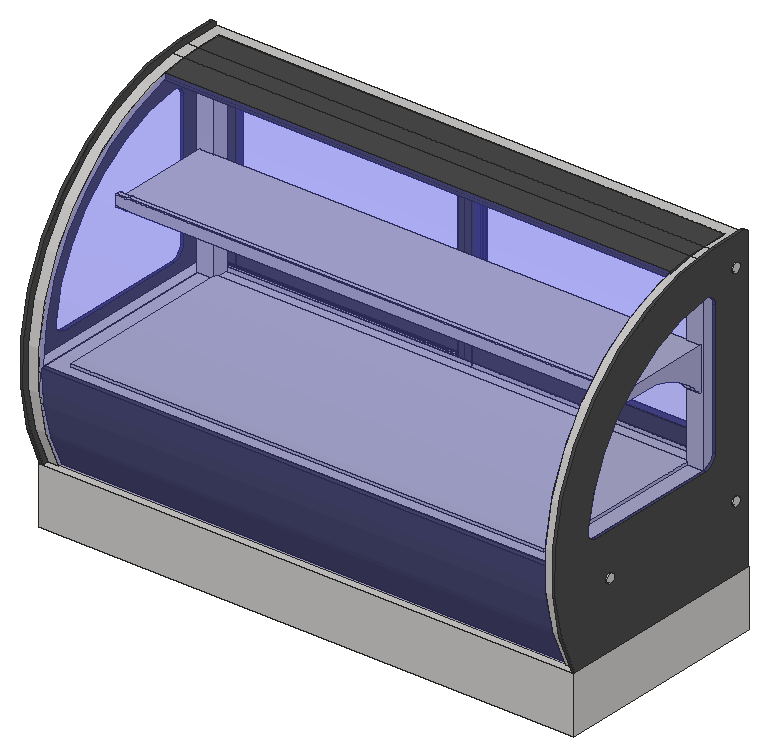
Revit family "Qf_Vollrath_HDC9248_Heated_Display_Case_Curved_Countertop-48 inches_cat", category Specialty Equipment, Revit 2019
Family settings
  Round Connector Dimension = Use Diameter
  Part Type = Normal
  Work Plane-Based = No
  Always vertical = Yes
  Cut with Voids When Loaded = No
  Shared = No
  Room Calculation Point = No
Parameters
  Weight in Pounds = 352.7
  Watts = Volts * FL Amps  # 696 W
  Volts = 120 V
  URL Cutsheet = ""
  Specification by User = ""
  Specification by Manufacturer = ""
  Serial Number = ""
  Seismic Rating = ""
  SMACNA No = ""
  Revision Code = ""
  Phase = 0
  Number of Poles = 1
  NAFEM Spec ID Number = ""
  Model = "HDC9248"
  Min Ckt Ampacity = 0 A
  Max Overcurrent Protection = 0 A
  Masterspec = ""
  Manufacturer = "Vollrath"
  Length = 47.9"
  Item Number = ""
  Installed By = ""
  Identify Quantity as Lot = yes
  Height = 32.0"
  HP = ""
  Furnished By = ""
  Foodservice Equipment Identifier = yes
  FL Amps = 5.8 A
  Electrical Remarks = ""
  Electric Connection Type = ""
  Elec Conn RI Height = 0.0"
  Elec Conn Connection Height = 0.0"
  Description = "Heated Display Case Curved Countertop-48\""
  Depth = 21.5"
  Cycle = 50 Hz
  Conn Plug = "NEMA 5-15P"
  Conn Conduit = yes
  CSI MasterFormat = ""
  Apparent Power = 0 VA
Reference planes (in)
  plane 1 "BACK": y = 0
  plane 2: z = 0
  plane 3 "LEFT": x = 0
  plane 4 "RIGHT": x = 47.9
  plane 5 "FRONT": y = -21.5
  plane 6 "TOP": z = 32
  plane 7 "Center Y": x = 23.95
  plane 8 "Center X": y = -10.75
  plane 9: x = 0.2
  plane 10: x = 0.45
  plane 11: x = 1.45
  plane 12: x = 47.7
  plane 13: x = 47.45
  plane 14: x = 46.45
  plane 15: z = 5
  plane 16: z = 22.08957
  plane 17: z = 30.55413
  plane 18: z = 13.66535
  plane 19: z = 15.3376
  plane 20: x = 2.2
  plane 21: y = -19.4
  plane 22: y = -17.14961
  plane 23: y = -3.20977
  plane 24: z = 29.82972
  plane 25: z = 28.6565
  plane 26: y = -7
Forms (in)
  Extrusion 1, solid, material "QF_Plastic_Black_Smooth"
    sketch origin (0.2, -21.42126, 48) x (0, -1, 0) y (0, 0, 1)
      loop
        line (-21.42126, -43) -> (-2.12853, -43)
        arc (-2.12853, -43) -> (-2.38846, -25.11346) -> (-17.78134, -16) r 18.29374
        line (-17.78134, -16) -> (-20.92126, -16)
        arc (-20.92126, -16) -> (-21.27481, -16.14645) -> (-21.42126, -16.5) r 0.5
        line (-21.42126, -16.5) -> (-21.42126, -43)
      loop
        arc (-17.79626, -32.38281) -> (-17.50337, -33.08992) -> (-16.79626, -33.38281) r 1
        line (-16.79626, -33.38281) -> (-4.56841, -33.38281)
        arc (-4.56841, -33.38281) -> (-3.81404, -33.03926) -> (-3.578, -32.24465) r 1
        arc (-3.578, -32.24465) -> (-7.95104, -23.64903) -> (-16.69233, -19.57498) r 14.79374
        arc (-16.69233, -19.57498) -> (-17.46561, -19.82662) -> (-17.79626, -20.56956) r 1
        line (-17.79626, -20.56956) -> (-17.79626, -32.38281)
    from 0 to -0.25
  Extrusion 2, solid, material "QF_Metal_Stainless_Polished"
    sketch origin (0.2, -21.42126, 48) x (0, -1, 0) y (0, 0, 1)
      loop
        circle (-19.8516, -37.03027) r 0.375
      loop
        circle (-5.88554, -37.03027) r 0.375
      loop
        circle (-19.8516, -18.47074) r 0.375
    from 0 to 0.2
  Extrusion 3, solid, material "QF_Metal_Stainless_Polished"
    sketch origin (0.45, -21.42126, 48.39448) x (0, -1, 0) y (0, 0, 1)
      loop
        line (-21.42126, -39.76948) -> (-20.42126, -39.76948) -> (-20.42126, -43.39448) -> (-2.71443, -43.39448)
        arc (-2.71443, -43.39448) -> (-2.46109, -26.43911) -> (-16.52881, -16.97084) r 17.79374
        arc (-16.52881, -16.97084) -> (-17.32478, -16.91358) -> (-18.12259, -16.89448) r 16.6716
        line (-18.12259, -16.89448) -> (-21.42126, -16.89448) -> (-21.42126, -39.76948)
      loop
        line (-20.92126, -34.72913) -> (-0.93618, -34.72913)
        arc (-0.93618, -34.72913) -> (-5.83712, -22.62102) -> (-17.80828, -17.39448) r 17.29374
        line (-17.80828, -17.39448) -> (-20.92126, -17.39448) -> (-20.92126, -34.72913)
    from 0 to -1
  Extrusion 4, solid, material "QF_Metal_Stainless_Polished"
    sketch origin (1.45, -21.42126, 48.39448) x (0, -1, 0) y (0, 0, 1)
      loop
        line (-20.01969, -34.46605) -> (-19.99213, -34.50992) -> (-19.99213, -34.6435) -> (-20.83465, -34.6435) -> (-20.83465, -34.50992) -> (-20.80709, -34.46605) -> (-20.80709, -34.35609)
        arc (-20.80709, -34.35609) -> (-20.81285, -34.34217) -> (-20.82677, -34.33641) r 0.01969
        line (-20.82677, -34.33641) -> (-20.90551, -34.33641)
        arc (-20.90551, -34.33641) -> (-20.91943, -34.34217) -> (-20.9252, -34.35609) r 0.01969
        line (-20.9252, -34.35609) -> (-20.9252, -34.46605) -> (-20.89764, -34.50992) -> (-20.89764, -34.6435) -> (-21.31102, -34.6435) -> (-21.31102, -34.36003) -> (-21.35827, -34.36003) -> (-21.35827, -34.72913) -> (-19.4685, -34.72913) -> (-19.4685, -34.36003) -> (-19.51575, -34.36003) -> (-19.51575, -34.6435) -> (-19.92913, -34.6435) -> (-19.92913, -34.50992) -> (-19.90157, -34.46605) -> (-19.90157, -34.35609)
        arc (-19.90157, -34.35609) -> (-19.90734, -34.34217) -> (-19.92126, -34.33641) r 0.01969
        line (-19.92126, -34.33641) -> (-20, -34.33641)
        arc (-20, -34.33641) -> (-20.01392, -34.34217) -> (-20.01969, -34.35609) r 0.01969
        line (-20.01969, -34.35609) -> (-20.01969, -34.46605)
    from 0 to -45
  Extrusion 5, solid, material "QF_Metal_Stainless_Polished"
    sketch origin (2.2, -3.37008, 49.48438) x (0, -1, 0) y (0, 0, 1)
      loop
        arc (8.55463, -26.77657) -> (8.65652, -26.76316) -> (8.75148, -26.72383) r 0.3937
        line (8.75148, -26.72383) -> (9.31447, -26.39879)
        arc (9.31447, -26.39879) -> (9.33464, -26.37861) -> (9.34203, -26.35105) r 0.05512
        line (9.34203, -26.35105) -> (9.34203, -25.45374)
        arc (9.34203, -25.45374) -> (9.32588, -25.41477) -> (9.28691, -25.39862) r 0.05512
        line (9.28691, -25.39862) -> (8.9247, -25.39862)
        arc (8.9247, -25.39862) -> (8.88573, -25.41477) -> (8.86959, -25.45374) r 0.05512
        line (8.86959, -25.45374) -> (8.86959, -25.91043)
        arc (8.86959, -25.91043) -> (8.85581, -25.92421) -> (8.84203, -25.91043) r 0.01378
        line (8.84203, -25.91043) -> (0, -25.91043) -> (0, -29.52049)
        arc (0, -29.52049) -> (0.07688, -29.63117) -> (0.20744, -29.59776) r 0.11811
        arc (0.20744, -29.59776) -> (2.98552, -27.51532) -> (6.37795, -26.77657) r 8.15869
        line (6.37795, -26.77657) -> (8.55463, -26.77657)
    from -0.5 to 0.5
  Extrusion 6, solid, material "QF_Plastic_Black_Smooth"
    sketch origin (40.07697, 0, 15.3376) x (0, 1, 0) y (1, 0, 0)
      loop
        line (-0.38189, -15.47047) -> (-0.38189, -15.3878)
        arc (-0.38189, -15.3878) -> (-0.40296, -15.36682) -> (-0.42944, -15.38034) r 0.02532
        arc (-0.42944, -15.38034) -> (-0.55527, -15.45742) -> (-0.6811, -15.38034) r 0.14124
        arc (-0.6811, -15.38034) -> (-0.70758, -15.36682) -> (-0.72866, -15.3878) r 0.02532
        line (-0.72866, -15.3878) -> (-0.72866, -15.47441) -> (-0.79917, -15.47441) -> (-0.82677, -15.55025) -> (-0.82677, -16.24213) -> (-0.96063, -16.19341) -> (-0.96063, -16.84843) -> (-0.14961, -16.84843) -> (-0.14961, -16.24213) -> (-0.34646, -16.24213) -> (-0.34646, -15.65945) -> (-0.16929, -15.65945)
        arc (-0.16929, -15.65945) -> (-0.15537, -15.65368) -> (-0.14961, -15.63976) r 0.01969
        line (-0.14961, -15.63976) -> (-0.14961, -15.49016)
        arc (-0.14961, -15.49016) -> (-0.15537, -15.47624) -> (-0.16929, -15.47047) r 0.01969
        line (-0.16929, -15.47047) -> (-0.38189, -15.47047)
    from 1.58661 to -14.49213
  Extrusion 7, solid, material "QF_Plastic_Black_Smooth"
    sketch origin (34.15041, 0, 15.3376) x (0, 1, 0) y (1, 0, 0)
      loop
        line (-0.38189, -32.59646) -> (-0.16929, -32.59646)
        arc (-0.16929, -32.59646) -> (-0.15537, -32.59069) -> (-0.14961, -32.57677) r 0.01969
        line (-0.14961, -32.57677) -> (-0.14961, -32.42717)
        arc (-0.14961, -32.42717) -> (-0.15537, -32.41325) -> (-0.16929, -32.40748) r 0.01969
        line (-0.16929, -32.40748) -> (-0.34646, -32.40748) -> (-0.34646, -31.8248) -> (-0.14961, -31.8248) -> (-0.14961, -31.2185) -> (-0.96063, -31.2185) -> (-0.96063, -31.87352) -> (-0.82677, -31.8248) -> (-0.82677, -32.51668) -> (-0.79917, -32.59252) -> (-0.72866, -32.59252) -> (-0.72866, -32.67913)
        arc (-0.72866, -32.67913) -> (-0.70758, -32.70011) -> (-0.6811, -32.68659) r 0.02532
        arc (-0.6811, -32.68659) -> (-0.55527, -32.60951) -> (-0.42944, -32.68659) r 0.14124
        arc (-0.42944, -32.68659) -> (-0.40296, -32.70011) -> (-0.38189, -32.67913) r 0.02532
        line (-0.38189, -32.67913) -> (-0.38189, -32.59646)
    from 1.58661 to -14.49213
  Extrusion 8, solid, material "QF_Plastic_Black_Smooth"
    sketch origin (61.81652, -0.90551, 15.3376) x (0, 1, 0) y (1, 0, 0)
      loop
        line (-0.38189, -15.47047) -> (-0.38189, -15.3878)
        arc (-0.38189, -15.3878) -> (-0.40296, -15.36682) -> (-0.42944, -15.38034) r 0.02532
        arc (-0.42944, -15.38034) -> (-0.55527, -15.45742) -> (-0.6811, -15.38034) r 0.14124
        arc (-0.6811, -15.38034) -> (-0.70758, -15.36682) -> (-0.72866, -15.3878) r 0.02532
        line (-0.72866, -15.3878) -> (-0.72866, -15.47441) -> (-0.79917, -15.47441) -> (-0.82677, -15.55025) -> (-0.82677, -16.24213) -> (-0.96063, -16.19341) -> (-0.96063, -16.84843) -> (-0.14961, -16.84843) -> (-0.14961, -16.24213) -> (-0.34646, -16.24213) -> (-0.34646, -15.65945) -> (-0.16929, -15.65945)
        arc (-0.16929, -15.65945) -> (-0.15537, -15.65368) -> (-0.14961, -15.63976) r 0.01969
        line (-0.14961, -15.63976) -> (-0.14961, -15.49016)
        arc (-0.14961, -15.49016) -> (-0.15537, -15.47624) -> (-0.16929, -15.47047) r 0.01969
        line (-0.16929, -15.47047) -> (-0.38189, -15.47047)
    from 1.58661 to -14.49213
  Extrusion 9, solid, material "QF_Plastic_Black_Smooth"
    sketch origin (55.88996, -0.90551, 15.3376) x (0, 1, 0) y (1, 0, 0)
      loop
        line (-0.38189, -32.59646) -> (-0.16929, -32.59646)
        arc (-0.16929, -32.59646) -> (-0.15537, -32.59069) -> (-0.14961, -32.57677) r 0.01969
        line (-0.14961, -32.57677) -> (-0.14961, -32.42717)
        arc (-0.14961, -32.42717) -> (-0.15537, -32.41325) -> (-0.16929, -32.40748) r 0.01969
        line (-0.16929, -32.40748) -> (-0.34646, -32.40748) -> (-0.34646, -31.8248) -> (-0.14961, -31.8248) -> (-0.14961, -31.2185) -> (-0.96063, -31.2185) -> (-0.96063, -31.87352) -> (-0.82677, -31.8248) -> (-0.82677, -32.51668) -> (-0.79917, -32.59252) -> (-0.72866, -32.59252) -> (-0.72866, -32.67913)
        arc (-0.72866, -32.67913) -> (-0.70758, -32.70011) -> (-0.6811, -32.68659) r 0.02532
        arc (-0.6811, -32.68659) -> (-0.55527, -32.60951) -> (-0.42944, -32.68659) r 0.14124
        arc (-0.42944, -32.68659) -> (-0.40296, -32.70011) -> (-0.38189, -32.67913) r 0.02532
        line (-0.38189, -32.67913) -> (-0.38189, -32.59646)
    from 1.58661 to -14.49213
  Extrusion 10, solid, material "QF_Plastic_Black_Smooth"
    sketch origin (44.9799, -1.05512, 15.3376) x (1, 0, 0) y (0, 0, -1)
      loop
        line (-0.01181, -0.08661) -> (-0.01181, 1.58661) -> (-20.30845, 1.58661) -> (-20.30845, -0.08661) -> (-0.01181, -0.08661)
      loop
        line (-0.01181, -13.3189) -> (-20.30845, -13.3189) -> (-20.30845, -14.49213) -> (-0.01181, -14.49213) -> (-0.01181, -13.3189)
    from 0 to -0.81102
  Extrusion 11, solid, material "QF_Plastic_Black_Smooth"
    sketch origin (23.24035, -0.14961, 15.3376) x (1, 0, 0) y (0, 0, -1)
      loop
        line (-0.01181, -0.08661) -> (-0.01181, 1.58661) -> (-20.30845, 1.58661) -> (-20.30845, -0.08661) -> (-0.01181, -0.08661)
      loop
        line (-0.01181, -13.3189) -> (-20.30845, -13.3189) -> (-20.30845, -14.49213) -> (-0.01181, -14.49213) -> (-0.01181, -13.3189)
    from 0 to -0.81102
  Extrusion 12, solid, material "Glass"
    sketch origin (44.96809, -1.05512, 15.42421) x (-1, 0, 0) y (0, -1, 0)
      loop
        line (0, 0.13) -> (20.29664, 0.13) -> (20.29664, 0.69102) -> (0, 0.69102) -> (0, 0.13)
      loop
        line (21.73955, -0.77551) -> (42.03618, -0.77551) -> (42.03618, -0.22449) -> (21.73955, -0.22449) -> (21.73955, -0.77551)
    from 0 to 13.23228
  Extrusion 13, solid, material "QF_Metal_Stainless_Polished"
    sketch origin (0, 0, -5) x (1, 0, 0) y (0, 0, 1)
      loop
        line (46.45, 36.5) -> (1.45, 36.5) -> (1.45, 35.35728) -> (46.45, 35.35728) -> (46.45, 36.5)
    from 0 to 1
  Extrusion 14, solid, material "QF_Metal_Stainless_Polished"
    sketch origin (-45.07972, -0.125, 0) x (1, 0, 0) y (0, 0, 1)
      loop
        line (91.00216, 13.66535) -> (91.52972, 13.66535) -> (91.52972, 30.35728) -> (46.52972, 30.35728) -> (46.52972, 13.66535) -> (47.05728, 13.66535) -> (47.05728, 29.82972) -> (91.00216, 29.82972) -> (91.00216, 13.66535)
    from 0 to 0.125
  Extrusion 15, solid, material "QF_Metal_Stainless_Polished"
    sketch origin (33.31121, 0, 13.66535) x (0, 1, 0) y (1, 0, 0)
      loop
        line (-1.95276, -31.86121) -> (-1.95276, -30.36121) -> (-3.37008, -30.36121) -> (-3.37008, -31.86121) -> (-1.95276, -31.86121)
      loop
        line (-1.95276, 13.13879) -> (-3.37008, 13.13879) -> (-3.37008, 11.63879) -> (-1.95276, 11.63879) -> (-1.95276, 13.13879)
    from 0 to -17.33465
  Extrusion 16, solid, material "QF_Metal_Stainless_Polished"
    sketch origin (2.7, -3.37008, 49.48438) x (0, 1, 0) y (0, 0, 1)
      loop
        line (0, -25.91043) -> (-8.84203, -25.91043)
        arc (-8.84203, -25.91043) -> (-8.85581, -25.92421) -> (-8.86959, -25.91043) r 0.01378
        line (-8.86959, -25.91043) -> (-8.86959, -25.45374)
        arc (-8.86959, -25.45374) -> (-8.88573, -25.41477) -> (-8.9247, -25.39862) r 0.05512
        line (-8.9247, -25.39862) -> (-9.28691, -25.39862)
        arc (-9.28691, -25.39862) -> (-9.32588, -25.41477) -> (-9.34203, -25.45374) r 0.05512
        line (-9.34203, -25.45374) -> (-9.34203, -26.35105) -> (0, -26.35105) -> (0, -25.91043)
    from 0 to 42.5
  Extrusion 17, solid, material "QF_Metal_Stainless_Polished"
    sketch origin (-79.5026, 0, 0) x (1, 0, 0) y (0, 0, 1)
      loop
        line (80.9526, 13.66437) -> (80.9526, 8.625) -> (125.9526, 8.625) -> (125.9526, 13.66437) -> (80.9526, 13.66437)
    from 0 to 3
  Extrusion 18, solid, material "QF_Metal_Stainless_Polished"
    sketch origin (-79.5026, 0, 0) x (1, 0, 0) y (0, 0, 1)
      loop
        line (126.35516, 0) -> (126.35516, 0.70374) -> (80.55004, 0.70374) -> (80.55004, 0) -> (126.35516, 0)
    from 3 to 0.5
  Extrusion 19, solid, material "QF_Metal_Stainless_Polished"
    sketch origin (-67.5026, 0, 0) x (1, 0, 0) y (0, 0, 1)
      loop
        line (114.35516, 0.70374) -> (114.35516, 8.625) -> (113.13862, 8.625) -> (113.13862, 0.70374) -> (114.35516, 0.70374)
    from 3 to 0.5
  Extrusion 20, solid, material "QF_Metal_Stainless_Polished"
    sketch origin (-80.67976, 0, 0) x (1, 0, 0) y (0, 0, 1)
      loop
        line (126.31579, 0.70374) -> (126.31579, 8.625) -> (89.52248, 8.625) -> (89.52248, 0.70374) -> (126.31579, 0.70374)
    from 3 to 0.5
  Extrusion 21, solid, material "QF_Metal_Stainless_Polished"
    sketch origin (-105.47307, 0, 0) x (1, 0, 0) y (0, 0, 1)
      loop
        line (114.31579, 0.70374) -> (114.31579, 8.625) -> (113.41027, 8.625) -> (113.41027, 0.70374) -> (114.31579, 0.70374)
    from 3 to 0.5
  Extrusion 22, solid, material "QF_Metal_Stainless_Polished"
    sketch origin (-106.37858, 0, 0) x (1, 0, 0) y (0, 0, 1)
      loop
        line (114.31579, 0.70374) -> (114.31579, 8.625) -> (108.60712, 8.625) -> (108.60712, 0.70374) -> (114.31579, 0.70374)
    from 3 to 0.5
  Extrusion 23, solid, material "QF_Metal_Stainless_Polished"
    sketch origin (-112.08724, 0, 0) x (1, 0, 0) y (0, 0, 1)
      loop
        line (114.31579, 0.70374) -> (114.31579, 8.625) -> (113.13468, 8.625) -> (113.13468, 0.70374) -> (114.31579, 0.70374)
    from 3 to 0.5
  Extrusion 24, solid, material "QF_Metal_Stainless_Polished"
    sketch origin (-79.5026, 0, 0) x (-1, 0, 0) y (0, 0, 1)
      loop
        line (-81.14413, 11.28248) -> (-84.95201, 11.28248)
        arc (-84.95201, 11.28248) -> (-85.01854, 11.25492) -> (-85.0461, 11.18839) r 0.09409
        line (-85.0461, 11.18839) -> (-85.0461, 8.87657)
        arc (-85.0461, 8.87657) -> (-85.01854, 8.81004) -> (-84.95201, 8.78248) r 0.09409
        line (-84.95201, 8.78248) -> (-81.14413, 8.78248)
        arc (-81.14413, 8.78248) -> (-81.0776, 8.81004) -> (-81.05004, 8.87657) r 0.09409
        line (-81.05004, 8.87657) -> (-81.05004, 11.18839)
        arc (-81.05004, 11.18839) -> (-81.0776, 11.25492) -> (-81.14413, 11.28248) r 0.09409
    from 0 to 0.06
  Extrusion 25, solid, material "QF_Metal_Stainless_Polished"
    sketch origin (0, 0, 0) x (1, 0, 0) y (0, 1, 0)
      loop
        line (47.7, 0) -> (46.85256, 0) -> (46.85256, -3) -> (1.04744, -3) -> (1.04744, 0) -> (0.2, 0) -> (0.2, -19.4) -> (47.7, -19.4) -> (47.7, 0)
    from 0 to 5
  Extrusion 26, solid, material "QF_Metal_Stainless_Polished"
    sketch origin (0, 0, 0) x (1, 0, 0) y (0, 0, 1)
      loop
        line (0.45, 8.625) -> (0.45, 5) -> (1.04744, 5) -> (1.04744, 8.625) -> (0.45, 8.625)
      loop
        line (47.45, 8.625) -> (46.85256, 8.625) -> (46.85256, 5) -> (47.45, 5) -> (47.45, 8.625)
    from 0 to 1
  Extrusion 27, solid, material "QF_Plastic_Black_Smooth"
    sketch origin (7.23536, -0.5, 1.36639) x (0, -0.34076, 0.94015) y (1, 0, 0)
      loop
        line (4.80772, -0.13) -> (0.38, -0.13)
        arc (0.38, -0.13) -> (0.20322, -0.20322) -> (0.13, -0.38) r 0.25
        line (0.13, -0.38) -> (0.13, -3.92346)
        arc (0.13, -3.92346) -> (0.20322, -4.10023) -> (0.38, -4.17346) r 0.25
        line (0.38, -4.17346) -> (4.80772, -4.17346)
        arc (4.80772, -4.17346) -> (4.98449, -4.10023) -> (5.05772, -3.92346) r 0.25
        line (5.05772, -3.92346) -> (5.05772, -0.38)
        arc (5.05772, -0.38) -> (4.98449, -0.20322) -> (4.80772, -0.13) r 0.25
    from 0 to 0.06
  Extrusion 28, solid, material "QF_Plastic_White_Smooth"
    sketch origin (7.23536, -0.44359, 1.38683) x (0, -0.34076, 0.94015) y (1, 0, 0)
      loop
        circle (0.93442, -3.29352) r 0.5
    from 0 to 0.25
  Extrusion 29, solid, material "QF_Plastic_Black_Smooth"
    sketch origin (7.23536, -0.44359, 1.38683) x (0, -0.34076, 0.94015) y (1, 0, 0)
      loop
        arc (4.45141, -0.68195) -> (3.82641, -0.37591) -> (3.20141, -0.68195) r 0.79121
        line (3.20141, -0.68195) -> (3.20141, -3.6215)
        arc (3.20141, -3.6215) -> (3.82641, -3.92755) -> (4.45141, -3.6215) r 0.79121
        line (4.45141, -3.6215) -> (4.45141, -0.68195)
    from 0 to 0.06
  Extrusion 30, solid, material "QF_Plastic_Black_Smooth"
    sketch origin (-75.7526, 0, 0) x (-1, 0, 0) y (0, 0, 1)
      loop
        line (-77.49689, 13.52657) -> (-81.11894, 13.52657)
        arc (-81.11894, 13.52657) -> (-81.25813, 13.46892) -> (-81.31579, 13.32972) r 0.19685
        line (-81.31579, 13.32972) -> (-81.31579, 11.59744)
        arc (-81.31579, 11.59744) -> (-81.25813, 11.45825) -> (-81.11894, 11.40059) r 0.19685
        line (-81.11894, 11.40059) -> (-77.49689, 11.40059)
        arc (-77.49689, 11.40059) -> (-77.35769, 11.45825) -> (-77.30004, 11.59744) r 0.19685
        line (-77.30004, 11.59744) -> (-77.30004, 13.32972)
        arc (-77.30004, 13.32972) -> (-77.35769, 13.46892) -> (-77.49689, 13.52657) r 0.19685
      loop
        line (-81.41421, 8.97933) -> (-81.41421, 11.2628)
        arc (-81.41421, 11.2628) -> (-81.47187, 11.40199) -> (-81.61106, 11.45965) r 0.19685
        line (-81.61106, 11.45965) -> (-84.17012, 11.45965)
        arc (-84.17012, 11.45965) -> (-84.30931, 11.40199) -> (-84.36697, 11.2628) r 0.19685
        line (-84.36697, 11.2628) -> (-84.36697, 8.97933)
        arc (-84.36697, 8.97933) -> (-84.30931, 8.84014) -> (-84.17012, 8.78248) r 0.19685
        line (-84.17012, 8.78248) -> (-81.61106, 8.78248)
        arc (-81.61106, 8.78248) -> (-81.47187, 8.84014) -> (-81.41421, 8.97933) r 0.19685
    from 0 to 0.06
  Extrusion 31, solid, material "QF_Metal_Stainless_Polished"
    sketch origin (1.38012, 0, 13.66437) x (1, 0, 0) y (0, 1, 0)
      loop
        line (1.56988, -3.20977) -> (1.56988, -19.27781) -> (43.56988, -19.27781) -> (43.56988, -3.20977) -> (1.56988, -3.20977)
    from 0 to 0.25
  Extrusion 32, solid, material "Glass"
    sketch origin (1.45, -21.42126, 48.39448) x (0, 1, 0) y (0, 0, 1)
      loop
        line (2.71443, -43.39448) -> (3.00178, -43.39448)
        arc (3.00178, -43.39448) -> (2.18358, -27.59085) -> (14.42126, -17.55774) r 17.54374
        line (14.42126, -17.55774) -> (14.42126, -17.30172)
        arc (14.42126, -17.30172) -> (1.99525, -27.39923) -> (2.71443, -43.39448) r 17.79374
    from 0 to 45
  Extrusion 33, solid, material "Glass"
    sketch origin (0.2, -21.42126, 48) x (0, -1, 0) y (0, 0, 1)
      loop
        arc (-16.69233, -19.57498) -> (-17.46561, -19.82662) -> (-17.79626, -20.56956) r 1
        line (-17.79626, -20.56956) -> (-17.79626, -32.38281)
        arc (-17.79626, -32.38281) -> (-17.50337, -33.08992) -> (-16.79626, -33.38281) r 1
        line (-16.79626, -33.38281) -> (-4.56841, -33.38281)
        arc (-4.56841, -33.38281) -> (-3.81404, -33.03926) -> (-3.578, -32.24465) r 1
        arc (-3.578, -32.24465) -> (-7.95104, -23.64903) -> (-16.69233, -19.57498) r 14.79374
    from 0 to -0.25
  Extrusion 34, solid, material "QF_Plastic_Black_Smooth"
    sketch origin (1.45, -21.42126, 48.39448) x (0, -1, 0) y (0, 0, 1)
      loop
        line (-0.68618, -34.72913) -> (-1.18618, -34.72913)
        arc (-1.18618, -34.72913) -> (-1.80176, -39.22252) -> (-3.58061, -43.39448) r 17.04374
        line (-3.58061, -43.39448) -> (-3.00178, -43.39448)
        arc (-3.00178, -43.39448) -> (-1.28085, -39.21229) -> (-0.68618, -34.72913) r 17.54374
    from 0 to -45
  Extrusion 35, solid, material "QF_Metal_Stainless_Polished"
    sketch origin (1.45, -21.42126, 48.39448) x (0, -1, 0) y (0, 0, 1)
      loop
        line (-18.42126, -34.72913) -> (-18.42126, -43.39448) -> (-3.58061, -43.39448)
        arc (-3.58061, -43.39448) -> (-1.80176, -39.22252) -> (-1.18618, -34.72913) r 17.04374
        line (-1.18618, -34.72913) -> (-18.42126, -34.72913)
    from 0 to -45
  Extrusion 36, solid, material "QF_Plastic_Black_Smooth"
    sketch origin (1.45, -21.42126, 48.39448) x (0, 1, 0) y (0, 0, 1)
      loop
        line (20.42126, -16.89448) -> (18.12259, -16.89448)
        arc (18.12259, -16.89448) -> (17.32478, -16.91358) -> (16.52881, -16.97084) r 16.6716
        arc (16.52881, -16.97084) -> (15.47007, -17.10466) -> (14.42126, -17.30172) r 17.79374
        line (14.42126, -17.30172) -> (14.42126, -17.81394)
        arc (14.42126, -17.81394) -> (16.1044, -17.52045) -> (17.80828, -17.39448) r 17.29374
        line (17.80828, -17.39448) -> (20.42126, -17.39448) -> (20.42126, -16.89448)
    from 0 to 45
  Extrusion 37, solid, material "QF_Plastic_Black_Smooth"
    sketch origin (47.7, -21.42126, 48) x (0, -1, 0) y (0, 0, -1)
      loop
        line (-21.42126, 43) -> (-21.42126, 16.5)
        arc (-21.42126, 16.5) -> (-21.27481, 16.14645) -> (-20.92126, 16) r 0.5
        line (-20.92126, 16) -> (-17.78134, 16)
        arc (-17.78134, 16) -> (-2.38846, 25.11346) -> (-2.12853, 43) r 18.29374
        line (-2.12853, 43) -> (-21.42126, 43)
      loop
        line (-17.79626, 32.38281) -> (-17.79626, 20.56956)
        arc (-17.79626, 20.56956) -> (-17.46561, 19.82662) -> (-16.69233, 19.57498) r 1
        arc (-16.69233, 19.57498) -> (-7.95104, 23.64903) -> (-3.578, 32.24465) r 14.79374
        arc (-3.578, 32.24465) -> (-3.81404, 33.03926) -> (-4.56841, 33.38281) r 1
        line (-4.56841, 33.38281) -> (-16.79626, 33.38281)
        arc (-16.79626, 33.38281) -> (-17.50337, 33.08992) -> (-17.79626, 32.38281) r 1
    from 0 to -0.25
  Extrusion 38, solid, material "QF_Metal_Stainless_Polished"
    sketch origin (47.7, -21.42126, 48) x (0, -1, 0) y (0, 0, -1)
      loop
        circle (-19.8516, 37.03027) r 0.375
      loop
        circle (-5.88554, 37.03027) r 0.375
      loop
        circle (-19.8516, 18.47074) r 0.375
    from 0 to 0.2
  Extrusion 39, solid, material "Glass"
    sketch origin (47.7, -21.42126, 48) x (0, -1, 0) y (0, 0, -1)
      loop
        arc (-16.69233, 19.57498) -> (-7.95104, 23.64903) -> (-3.578, 32.24465) r 14.79374
        arc (-3.578, 32.24465) -> (-3.81404, 33.03926) -> (-4.56841, 33.38281) r 1
        line (-4.56841, 33.38281) -> (-16.79626, 33.38281)
        arc (-16.79626, 33.38281) -> (-17.50337, 33.08992) -> (-17.79626, 32.38281) r 1
        line (-17.79626, 32.38281) -> (-17.79626, 20.56956)
        arc (-17.79626, 20.56956) -> (-17.46561, 19.82662) -> (-16.69233, 19.57498) r 1
    from 0 to -0.25
  Extrusion 40, solid, material "QF_Metal_Stainless_Polished"
    sketch origin (47.45, -21.42126, 48.39448) x (0, -1, 0) y (0, 0, -1)
      loop
        line (-21.42126, 39.76948) -> (-21.42126, 16.89448) -> (-18.12259, 16.89448)
        arc (-18.12259, 16.89448) -> (-17.32478, 16.91358) -> (-16.52881, 16.97084) r 16.6716
        arc (-16.52881, 16.97084) -> (-2.46109, 26.43911) -> (-2.71443, 43.39448) r 17.79374
        line (-2.71443, 43.39448) -> (-20.42126, 43.39448) -> (-20.42126, 39.76948) -> (-21.42126, 39.76948)
      loop
        line (-20.92126, 34.72913) -> (-20.92126, 17.39448) -> (-17.80828, 17.39448)
        arc (-17.80828, 17.39448) -> (-5.83712, 22.62102) -> (-0.93618, 34.72913) r 17.29374
        line (-0.93618, 34.72913) -> (-20.92126, 34.72913)
    from 0 to -1
  Extrusion 41, void
    sketch origin (7.23536, 0, 2.05972) x (0, 0, 1) y (0, -1, 0)
      loop
        line (-0.69333, 0.5) -> (-0.69333, -1.5) -> (5.95167, -1.5) -> (5.95167, 0.5) -> (4.1839, 2.26777) -> (-0.69333, 0.5)
    from 0 to -4.30346
  Extrusion 42, solid, material "QF_Metal_Stainless_Polished"
    sketch origin (45.7, -3.37008, 49.48438) x (0, -1, 0) y (0, 0, -1)
      loop
        line (8.55463, 26.77657) -> (6.37795, 26.77657)
        arc (6.37795, 26.77657) -> (2.98552, 27.51532) -> (0.20744, 29.59776) r 8.15869
        arc (0.20744, 29.59776) -> (0.07688, 29.63117) -> (0, 29.52049) r 0.11811
        line (0, 29.52049) -> (0, 25.91043) -> (8.84203, 25.91043)
        arc (8.84203, 25.91043) -> (8.85581, 25.92421) -> (8.86959, 25.91043) r 0.01378
        line (8.86959, 25.91043) -> (8.86959, 25.45374)
        arc (8.86959, 25.45374) -> (8.88573, 25.41477) -> (8.9247, 25.39862) r 0.05512
        line (8.9247, 25.39862) -> (9.28691, 25.39862)
        arc (9.28691, 25.39862) -> (9.32588, 25.41477) -> (9.34203, 25.45374) r 0.05512
        line (9.34203, 25.45374) -> (9.34203, 26.35105)
        arc (9.34203, 26.35105) -> (9.33464, 26.37861) -> (9.31447, 26.39879) r 0.05512
        line (9.31447, 26.39879) -> (8.75148, 26.72383)
        arc (8.75148, 26.72383) -> (8.65652, 26.76316) -> (8.55463, 26.77657) r 0.3937
    from -0.5 to 0.5
Cuts and joins
  Extrusion 41 cuts Extrusion 20
  Extrusion 41 cuts Extrusion 22
  joined: Extrusion 5, Extrusion 16, Extrusion 42
  joined: Extrusion 3, Extrusion 13, Extrusion 40
Lines and regions (in)
  symbolic lines
    curve 1: line (0.2, 0, 0) -> (0.2, -21.50006, 0)
    curve 2: line (47.7, 0, 0) -> (0.2, 0, 0)
    curve 3: line (0.45, -21.50006, 0) -> (0.45, 0, 0)
    curve 4: line (1.45, -20.98514, 0) -> (1.45, -1, 0)
    curve 5: line (1.45, -1, 0) -> (46.45, -1, 0)
    curve 6: line (0.2, -21.50006, 0) -> (0.45, -21.50006, 0)
    curve 7: line (47.45, -20.98514, 0) -> (0.45, -20.98514, 0)
    curve 8: line (1.45, -7, 0) -> (46.45, -7, 0)
    curve 9: line (46.45, -1, 0) -> (46.45, -20.98514, 0)
    curve 10: line (47.45, 0, 0) -> (47.45, -21.50006, 0)
    curve 11: line (47.7, 0, 0) -> (47.7, -21.50006, 0)
    curve 12: line (47.9, -1.19466, 0) -> (47.7, -1.19466, 0)
    curve 13: line (47.9, -1.19466, 0) -> (47.9, -1.94466, 0)
    curve 14: line (47.9, -1.94466, 0) -> (47.7, -1.94466, 0)
    curve 15: line (47.9, -15.16072, 0) -> (47.7, -15.16072, 0)
    curve 16: line (47.9, -15.16072, 0) -> (47.9, -15.91072, 0)
    curve 17: line (47.9, -15.91072, 0) -> (47.7, -15.91072, 0)
    curve 18: line (0, -15.16072, 0) -> (0, -15.91072, 0)
    curve 19: line (0, -15.91072, 0) -> (0.2, -15.91072, 0)
    curve 20: line (0, -15.16072, 0) -> (0.2, -15.16072, 0)
    curve 21: line (0, -1.19466, 0) -> (0, -1.94466, 0)
    curve 22: line (0, -1.94466, 0) -> (0.2, -1.94466, 0)
    curve 23: line (0, -1.19466, 0) -> (0.2, -1.19466, 0)
    curve 24: line (47.7, -21.50006, 0) -> (47.45, -21.50006, 0)
Dimensions and locks (in)
  equal spacing: plane 3 "LEFT", plane 7 "Center Y", plane 4 "RIGHT"
  "Length": plane 3 "LEFT" to plane 4 "RIGHT"
  equal spacing: plane 5 "FRONT", plane 8 "Center X", plane 1 "BACK"
  "Depth": plane 5 "FRONT" to plane 1 "BACK"
  "Height": plane 6 "TOP" to level
  plane 3 "LEFT" to plane 9 = 0.2"
  plane 9 to plane 10 = 0.25"
  plane 15 to plane 2 = 5.0"
  plane 6 "TOP" to plane 2 = 32.0"  (x2)
  plane 5 "FRONT" to plane 1 "BACK" = 21.5"
  plane 1 "BACK" to plane 5 "FRONT" = 21.5"
  plane 1 "BACK" to plane 21 = 19.4"
  plane 26 to plane 1 "BACK" = 7.0"
  plane 14 to plane 13 to plane 12 to plane 4 "RIGHT" = 1.0" locked, 0.25" locked, 0.2" locked
  aligned and locked: level to plane 2
Automatic sketch dimensions
  curve 18 to plane 3 "LEFT" = 0.0"
  curve 22 to plane 3 "LEFT" = 0.0"
  plane 1 "BACK" to curve 2 = 0.0"
  curve 2 to plane 9 = 0.0"
  curve 7 to plane 10 = 0.0"
  curve 8 to plane 11 = 0.0"
  curve 5 to plane 14 = 0.0"
  curve 10 to plane 13 = 0.0"
  curve 24 to plane 12 = 0.0"
  curve 15 to plane 4 "RIGHT" = 0.0"
  curve 12 to plane 4 "RIGHT" = 0.0"
  curve 8 to plane 26 = 0.0"
  curve 20 to plane 22 = 1.98888"
  curve 15 to plane 22 = 1.98888"
  curve 19 to curve 18 = 0.75"
  curve 16 to curve 15 = 0.75"
  plane 5 "FRONT" to curve 6 = 0.00006"
  plane 5 "FRONT" to curve 10 = 0.00006"
  curve 14 to plane 23 = 1.26511"
  curve 22 to plane 23 = 1.26511"
  curve 13 to curve 12 = 0.75"
  curve 21 to curve 23 = 0.75"
  plane 1 "BACK" to curve 5 = 1.0"
  curve 4 to plane 5 "FRONT" = 0.51486"
  Extrusion 1 sketch curve to plane 1 "BACK" = 0.0"
  Extrusion 1 sketch curve to plane 6 "TOP" = 0.0"
  Extrusion 1 sketch curve to plane 15 = 0.0"
  plane 1 "BACK" to Extrusion 1 sketch curve = 0.5"
  Extrusion 1 sketch curve to plane 23 = 0.01838"
  Extrusion 1 sketch curve to plane 23 = 0.00346"
  plane 23 to Extrusion 1 sketch curve = 0.41523"
  plane 23 to Extrusion 1 sketch curve = 0.43015"
  Extrusion 1 sketch curve to Extrusion 1 sketch curve = 1.0"  (x2)
  plane 19 to Extrusion 1 sketch curve = 0.72041"
  Extrusion 1 sketch curve to plane 22 = 0.29676"
  Extrusion 1 sketch curve to plane 21 = 0.10727"
  Extrusion 1 sketch curve to Extrusion 1 sketch curve = 0.0"  (x2)
  Extrusion 1 sketch curve to plane 19 = 0.27959"
  plane 25 to Extrusion 1 sketch curve = 1.22606"
  Extrusion 2 sketch curve to Extrusion 1 = 1.56966"  (x2)
  Extrusion 2 sketch curve to Extrusion 1 = 3.64745"  (x2)
  Extrusion 1 to Extrusion 2 sketch curve = 11.91072"
  Extrusion 2 sketch curve to Extrusion 1 = 2.47074"
  Extrusion 3 sketch curve to Extrusion 3 sketch curve = 0.0"  (x2)
  Extrusion 3 sketch curve to plane 1 "BACK" = 0.0"
  plane 18 to Extrusion 3 sketch curve = 0.0"
  Extrusion 3 sketch curve to plane 15 = 0.0"
  plane 1 "BACK" to Extrusion 3 sketch curve = 0.5"
  Extrusion 3 sketch curve to Extrusion 3 sketch curve = 1.0"
  Extrusion 3 sketch curve to plane 23 = 0.01838"
  plane 23 to Extrusion 3 sketch curve = 0.0889"
  plane 23 to Extrusion 3 sketch curve = 0.40321"
  Extrusion 3 sketch curve to plane 21 = 0.69317"
  Extrusion 3 sketch curve to plane 5 "FRONT" = 1.01492"
  plane 15 to Extrusion 3 sketch curve = 3.625"
  Extrusion 3 sketch curve to plane 18 = 0.04604"
  Extrusion 3 sketch curve to Extrusion 3 sketch curve = 1.117"
  Extrusion 3 sketch curve to plane 6 "TOP" = 0.5"
  plane 18 to Extrusion 4 sketch curve = 0.0"
  plane 1 "BACK" to Extrusion 4 sketch curve = 0.06299"
  Extrusion 4 sketch curve to Extrusion 4 sketch curve = 0.04724"  (x2)
  Extrusion 4 sketch curve to Extrusion 4 sketch curve = 0.38583"
  Extrusion 4 sketch curve to Extrusion 4 sketch curve = 0.01969"  (x2)
  Extrusion 4 sketch curve to Extrusion 4 sketch curve = 0.02756"  (x4)
  Extrusion 4 sketch curve to Extrusion 4 sketch curve = 0.06299"  (x2)
  Extrusion 4 sketch curve to Extrusion 4 sketch curve = 0.07874"  (x2)
  Extrusion 4 sketch curve to plane 18 = 0.26308"  (x2)
  Extrusion 4 sketch curve to plane 18 = 0.37303"
  Extrusion 4 sketch curve to Extrusion 4 sketch curve = 0.7874"
  Extrusion 4 sketch curve to plane 18 = 0.08563"  (x3)
  Extrusion 4 sketch curve to plane 18 = 0.21921"
  Extrusion 4 sketch curve to Extrusion 4 sketch curve = 0.41339"
  Extrusion 4 sketch curve to Extrusion 4 sketch curve = 0.0"  (x2)
  Extrusion 4 sketch curve to Extrusion 4 sketch curve = 0.04387"  (x3)
  Extrusion 4 sketch curve to Extrusion 4 sketch curve = 0.28346"  (x2)
  Extrusion 4 sketch curve to Extrusion 4 sketch curve = 0.10996"
  plane 23 to Extrusion 5 sketch curve = 0.1603"
  Extrusion 5 sketch curve to Extrusion 5 sketch curve = 0.11811"
  plane 8 "Center X" to Extrusion 5 sketch curve = 1.00197"
  Extrusion 5 sketch curve to plane 16 = 0.61823"
  Extrusion 5 sketch curve to plane 8 "Center X" = 1.1747"
  Extrusion 5 sketch curve to plane 16 = 0.67098"
  Extrusion 5 sketch curve to Extrusion 5 sketch curve = 0.19685"
  Extrusion 5 sketch curve to Extrusion 5 sketch curve = 0.2874"
  Extrusion 5 sketch curve to Extrusion 5 sketch curve = 0.01378"
  Extrusion 5 sketch curve to Extrusion 5 sketch curve = 0.05512"  (x2)
  Extrusion 5 sketch curve to Extrusion 5 sketch curve = 0.3622"
  Extrusion 5 sketch curve to Extrusion 5 sketch curve = 0.41732"
  Extrusion 5 sketch curve to Extrusion 5 sketch curve = 0.02756"
  plane 16 to Extrusion 5 sketch curve = 2.12568"
  plane 19 to Extrusion 5 sketch curve = 0.78849"
  Extrusion 5 sketch curve to Extrusion 5 sketch curve = 0.32504"
  Extrusion 5 sketch curve to plane 16 = 1.48438"
  Extrusion 5 sketch curve to Extrusion 5 sketch curve = 0.45669"
  Extrusion 6 sketch curve to plane 7 "Center Y" = 0.06644"
  plane 1 "BACK" to Extrusion 6 sketch curve = 0.96063"
  Extrusion 6 sketch curve to plane 7 "Center Y" = 0.11516"  (x2)
  Extrusion 6 sketch curve to Extrusion 6 sketch curve = 0.13386"
  Extrusion 6 sketch curve to Extrusion 6 sketch curve = 0.0276"
  Extrusion 6 sketch curve to Extrusion 6 sketch curve = 0.07051"
  Extrusion 6 sketch curve to Extrusion 6 sketch curve = 0.025"  (x2)
  Extrusion 6 sketch curve to Extrusion 6 sketch curve = 0.14839"  (x2)
  Extrusion 6 sketch curve to Extrusion 6 sketch curve = 0.03543"
  plane 1 "BACK" to Extrusion 6 sketch curve = 0.16929"
  Extrusion 6 sketch curve to Extrusion 6 sketch curve = 0.0"  (x2)
  plane 1 "BACK" to Extrusion 6 sketch curve = 0.14961"
  Extrusion 6 sketch curve to Extrusion 6 sketch curve = 0.01969"
  plane 7 "Center Y" to Extrusion 6 sketch curve = 0.46752"
  Extrusion 6 sketch curve to Extrusion 6 sketch curve = 0.1092"
  Extrusion 6 sketch curve to Extrusion 6 sketch curve = 0.14961"
  Extrusion 6 sketch curve to Extrusion 6 sketch curve = 0.07584"
  Extrusion 6 sketch curve to Extrusion 6 sketch curve = 0.07863"
  Extrusion 6 sketch curve to Extrusion 6 sketch curve = 0.08257"
  Extrusion 6 sketch curve to Extrusion 6 sketch curve = 0.00404"  (x2)
  Extrusion 6 sketch curve to Extrusion 6 sketch curve = 0.07566"
  Extrusion 6 sketch curve to Extrusion 6 sketch curve = 0.6063"
  Extrusion 7 sketch curve to plane 20 = 0.07689"
  plane 1 "BACK" to Extrusion 7 sketch curve = 0.96063"
  Extrusion 7 sketch curve to plane 20 = 0.12561"  (x2)
  Extrusion 7 sketch curve to Extrusion 7 sketch curve = 0.13386"
  Extrusion 7 sketch curve to Extrusion 7 sketch curve = 0.0276"
  Extrusion 7 sketch curve to Extrusion 7 sketch curve = 0.07051"
  Extrusion 7 sketch curve to Extrusion 7 sketch curve = 0.025"  (x2)
  plane 11 to Extrusion 7 sketch curve = 0.05034"
  Extrusion 7 sketch curve to Extrusion 7 sketch curve = 0.14839"  (x2)
  Extrusion 7 sketch curve to plane 11 = 0.02532"  (x2)
  Extrusion 7 sketch curve to Extrusion 7 sketch curve = 0.03543"
  plane 1 "BACK" to Extrusion 7 sketch curve = 0.16929"
  Extrusion 7 sketch curve to Extrusion 7 sketch curve = 0.0"  (x2)
  plane 1 "BACK" to Extrusion 7 sketch curve = 0.14961"
  Extrusion 7 sketch curve to Extrusion 7 sketch curve = 0.01969"
  Extrusion 7 sketch curve to Extrusion 7 sketch curve = 0.6063"
  Extrusion 7 sketch curve to Extrusion 7 sketch curve = 0.26761"
  Extrusion 7 sketch curve to plane 11 = 0.18373"
  Extrusion 7 sketch curve to plane 11 = 0.12364"
  Extrusion 7 sketch curve to plane 11 = 0.10789"
  Extrusion 7 sketch curve to plane 11 = 0.02128"  (x2)
  Extrusion 8 sketch curve to plane 23 = 1.34363"
  Extrusion 8 sketch curve to Extrusion 8 sketch curve = 0.13386"
  Extrusion 8 sketch curve to Extrusion 8 sketch curve = 0.0276"
  Extrusion 8 sketch curve to Extrusion 8 sketch curve = 0.07051"
  Extrusion 8 sketch curve to Extrusion 8 sketch curve = 0.025"  (x2)
  plane 14 to Extrusion 8 sketch curve = 0.05034"
  Extrusion 8 sketch curve to Extrusion 8 sketch curve = 0.14839"  (x2)
  Extrusion 8 sketch curve to plane 14 = 0.02532"
  Extrusion 8 sketch curve to Extrusion 8 sketch curve = 0.03543"
  Extrusion 8 sketch curve to Extrusion 8 sketch curve = 0.2126"
  Extrusion 8 sketch curve to Extrusion 8 sketch curve = 0.0"  (x2)
  Extrusion 8 sketch curve to Extrusion 8 sketch curve = 0.19685"
  Extrusion 8 sketch curve to Extrusion 8 sketch curve = 0.01969"
  Extrusion 8 sketch curve to plane 14 = 0.02128"  (x2)
  Extrusion 8 sketch curve to Extrusion 8 sketch curve = 0.00404"
  Extrusion 8 sketch curve to plane 14 = 0.10395"
  Extrusion 8 sketch curve to plane 14 = 0.10789"
  Extrusion 8 sketch curve to Extrusion 8 sketch curve = 0.07584"
  Extrusion 8 sketch curve to Extrusion 8 sketch curve = 0.14961"
  Extrusion 8 sketch curve to Extrusion 8 sketch curve = 0.64316"
  Extrusion 8 sketch curve to Extrusion 8 sketch curve = 0.58268"
  Extrusion 8 sketch curve to Extrusion 8 sketch curve = 0.04872"
  Extrusion 8 sketch curve to Extrusion 8 sketch curve = 0.6063"
  plane 7 "Center Y" to Extrusion 9 sketch curve = 0.06644"
  Extrusion 9 sketch curve to plane 23 = 1.34363"
  plane 7 "Center Y" to Extrusion 9 sketch curve = 0.11516"  (x2)
  Extrusion 9 sketch curve to Extrusion 9 sketch curve = 0.13386"
  Extrusion 9 sketch curve to Extrusion 9 sketch curve = 0.0276"
  Extrusion 9 sketch curve to Extrusion 9 sketch curve = 0.07051"
  Extrusion 9 sketch curve to Extrusion 9 sketch curve = 0.025"  (x2)
  Extrusion 9 sketch curve to Extrusion 9 sketch curve = 0.14839"  (x2)
  Extrusion 9 sketch curve to Extrusion 9 sketch curve = 0.03543"
  Extrusion 9 sketch curve to Extrusion 9 sketch curve = 0.2126"
  Extrusion 9 sketch curve to Extrusion 9 sketch curve = 0.0"  (x2)
  Extrusion 9 sketch curve to Extrusion 9 sketch curve = 0.19685"
  Extrusion 9 sketch curve to Extrusion 9 sketch curve = 0.01969"
  Extrusion 9 sketch curve to Extrusion 9 sketch curve = 0.6063"
  Extrusion 9 sketch curve to plane 7 "Center Y" = 0.46752"
  Extrusion 9 sketch curve to Extrusion 9 sketch curve = 0.1092"
  Extrusion 9 sketch curve to Extrusion 9 sketch curve = 0.14961"
  Extrusion 9 sketch curve to Extrusion 9 sketch curve = 0.07584"
  Extrusion 9 sketch curve to Extrusion 9 sketch curve = 0.08257"
  Extrusion 9 sketch curve to Extrusion 9 sketch curve = 0.07863"
  Extrusion 9 sketch curve to Extrusion 9 sketch curve = 0.00404"  (x2)
  Extrusion 9 sketch curve to Extrusion 9 sketch curve = 0.07566"
  Extrusion 10 sketch curve to Extrusion 8 = 0.0"  (x3)
  Extrusion 8 to Extrusion 10 sketch curve = 0.0"
  Extrusion 8 to Extrusion 10 sketch curve = 1.17323"
  Extrusion 8 to Extrusion 10 sketch curve = 20.29664"
  Extrusion 10 sketch curve to Extrusion 10 sketch curve = 0.0"
  Extrusion 8 to Extrusion 10 sketch curve = 1.67323"
  Extrusion 11 sketch curve to plane 24 = 0.0"
  Extrusion 11 sketch curve to plane 25 = 0.0"
  Extrusion 11 sketch curve to plane 20 = 0.73191"  (x2)
  Extrusion 11 sketch curve to plane 19 = 0.08661"
  Extrusion 11 sketch curve to plane 7 "Center Y" = 0.72146"  (x2)
  Extrusion 11 sketch curve to plane 18 = 0.08563"
  Extrusion 12 sketch curve to Extrusion 10 = 0.0"  (x2)
  Extrusion 10 to Extrusion 12 sketch curve = 1.44291"
  Extrusion 12 sketch curve to Extrusion 10 = 0.22449"
  Extrusion 12 sketch curve to Extrusion 12 sketch curve = 20.29664"
  Extrusion 12 sketch curve to Extrusion 12 sketch curve = 0.55102"
  Extrusion 10 to Extrusion 12 sketch curve = 0.13"
  Extrusion 10 to Extrusion 12 sketch curve = 0.12"
  plane 11 to Extrusion 13 sketch curve = 0.0"
  Extrusion 13 sketch curve to plane 14 = 0.0"
  plane 17 to Extrusion 13 sketch curve = 0.19685"
  Extrusion 13 sketch curve to plane 6 "TOP" = 0.5"
  plane 11 to Extrusion 14 sketch curve = 0.0"
  Extrusion 14 sketch curve to plane 24 = 0.0"
  Extrusion 14 sketch curve to plane 18 = 0.0"  (x2)
  Extrusion 14 sketch curve to plane 14 = 0.0"
  plane 20 to Extrusion 14 sketch curve = 0.22244"
  Extrusion 14 sketch curve to plane 14 = 0.52756"
  plane 17 to Extrusion 14 sketch curve = 0.19685"
  Extrusion 15 sketch curve to plane 11 = 0.0"
  Extrusion 15 sketch curve to plane 14 = 0.0"
  plane 23 to Extrusion 15 sketch curve = 0.1603"  (x2)
  Extrusion 15 sketch curve to plane 23 = 1.25702"  (x2)
  Extrusion 15 sketch curve to Extrusion 15 sketch curve = 1.5"
  Extrusion 15 sketch curve to plane 20 = 0.75"
  Extrusion 16 sketch curve to Extrusion 5 = 0.0"
  Extrusion 16 sketch curve to Extrusion 5 = 0.05512"
  Extrusion 16 sketch curve to Extrusion 5 = 0.42552"
  plane 11 to Extrusion 17 sketch curve = 0.0"
  Extrusion 17 sketch curve to plane 14 = 0.0"
  plane 15 to Extrusion 17 sketch curve = 3.625"
  plane 18 to Extrusion 17 sketch curve = 0.00098"
  Extrusion 18 sketch curve to level = 0.0"
  plane 11 to Extrusion 18 sketch curve = 0.40256"
  plane 14 to Extrusion 18 sketch curve = 0.40256"
  Extrusion 18 sketch curve to Extrusion 18 sketch curve = 0.70374"
  Extrusion 19 sketch curve to plane 14 = 0.81398"
  plane 14 to Extrusion 19 sketch curve = 0.40256"
  level to Extrusion 19 sketch curve = 0.70374"
  plane 15 to Extrusion 19 sketch curve = 3.625"
  level to Extrusion 20 sketch curve = 0.70374"
  Extrusion 20 sketch curve to plane 20 = 6.64272"
  Extrusion 20 sketch curve to plane 14 = 0.81398"
  plane 15 to Extrusion 20 sketch curve = 3.625"
  level to Extrusion 21 sketch curve = 0.70374"
  Extrusion 21 sketch curve to plane 20 = 5.7372"
  Extrusion 21 sketch curve to Extrusion 21 sketch curve = 0.90551"
  plane 15 to Extrusion 21 sketch curve = 3.625"
  Extrusion 22 sketch curve to plane 20 = 0.02854"
  Extrusion 22 sketch curve to Extrusion 22 sketch curve = 5.70866"
  level to Extrusion 22 sketch curve = 0.70374"
  plane 15 to Extrusion 22 sketch curve = 3.625"
  plane 11 to Extrusion 23 sketch curve = 0.40256"
  Extrusion 23 sketch curve to plane 20 = 0.02854"
  level to Extrusion 23 sketch curve = 0.70374"
  plane 15 to Extrusion 23 sketch curve = 3.625"
  Extrusion 24 sketch curve to Extrusion 17 = 4.0935"
  Extrusion 24 sketch curve to Extrusion 24 sketch curve = 0.09409"  (x3)
  Extrusion 24 sketch curve to Extrusion 17 = 0.19154"  (x2)
  Extrusion 24 sketch curve to Extrusion 17 = 0.15748"
  Extrusion 24 sketch curve to Extrusion 24 sketch curve = 2.31181"
  Extrusion 25 sketch curve to plane 9 = 0.0"
  plane 1 "BACK" to Extrusion 25 sketch curve = 0.0"  (x2)
  Extrusion 25 sketch curve to plane 12 = 0.0"
  plane 21 to Extrusion 25 sketch curve = 0.0"
  plane 11 to Extrusion 25 sketch curve = 0.40256"
  plane 14 to Extrusion 25 sketch curve = 0.40256"
  Extrusion 25 sketch curve to plane 23 = 0.20977"
  plane 10 to Extrusion 26 sketch curve = 0.0"
  Extrusion 26 sketch curve to plane 15 = 0.0"  (x2)
  Extrusion 26 sketch curve to plane 13 = 0.0"
  plane 11 to Extrusion 26 sketch curve = 0.40256"
  plane 14 to Extrusion 26 sketch curve = 0.40256"
  plane 15 to Extrusion 26 sketch curve = 3.625"  (x2)
  Extrusion 27 sketch curve to plane 20 = 1.11191"  (x2)
  Extrusion 27 sketch curve to Extrusion 27 sketch curve = 0.25"  (x3)
  Extrusion 27 sketch curve to Extrusion 27 sketch curve = 4.42772"
  Extrusion 27 sketch curve to Extrusion 27 sketch curve = 3.54346"
  Extrusion 28 sketch curve to Extrusion 27 = 0.80442"
  Extrusion 28 sketch curve to Extrusion 27 = 0.87993"
  Extrusion 29 sketch curve to Extrusion 27 = 0.55195"  (x2)
  Extrusion 29 sketch curve to Extrusion 27 = 1.85631"
  Extrusion 29 sketch curve to Extrusion 29 sketch curve = 0.625"  (x2)
  Extrusion 29 sketch curve to Extrusion 27 = 0.60631"
  Extrusion 29 sketch curve to Extrusion 29 sketch curve = 0.48516"
  Extrusion 29 sketch curve to Extrusion 27 = 1.03712"
  Extrusion 30 sketch curve to Extrusion 17 = 0.35433"
  Extrusion 30 sketch curve to Extrusion 17 = 7.16437"
  Extrusion 30 sketch curve to Extrusion 30 sketch curve = 0.19685"  (x3)
  Extrusion 30 sketch curve to Extrusion 17 = 0.15748"
  Extrusion 30 sketch curve to Extrusion 30 sketch curve = 2.55906"
  Extrusion 30 sketch curve to Extrusion 30 sketch curve = 0.0"
  Extrusion 30 sketch curve to Extrusion 17 = 0.33465"
  Extrusion 30 sketch curve to Extrusion 30 sketch curve = 0.29528"
  Extrusion 30 sketch curve to Extrusion 17 = 0.1378"
  Extrusion 30 sketch curve to Extrusion 17 = 0.29429"  (x2)
  Extrusion 30 sketch curve to Extrusion 17 = 0.09744"
  Extrusion 30 sketch curve to Extrusion 30 sketch curve = 2.28346"
  Extrusion 30 sketch curve to Extrusion 30 sketch curve = 1.92913"
  Extrusion 31 sketch curve to Extrusion 17 = 1.5"  (x2)
  Extrusion 31 sketch curve to Extrusion 17 = 0.20977"
  Extrusion 31 sketch curve to Extrusion 31 sketch curve = 16.06803"
  Extrusion 32 sketch curve to Extrusion 3 = 0.0"
  Extrusion 3 to Extrusion 32 sketch curve = 0.16326"
  Extrusion 1 to Extrusion 33 sketch curve = 1.0"
  Extrusion 34 sketch curve to Extrusion 32 = 0.0"
  Extrusion 34 sketch curve to Extrusion 32 = 8.66535"
  Extrusion 35 sketch curve to Extrusion 32 = 0.0"
  Extrusion 35 sketch curve to Extrusion 35 sketch curve = 0.1914"
  Extrusion 35 sketch curve to Extrusion 32 = 8.66535"
  Extrusion 36 sketch curve to Extrusion 3 = 0.0"  (x2)
  Extrusion 36 sketch curve to Extrusion 3 = 0.09276"
  Extrusion 37 sketch curve to plane 1 "BACK" = 0.0"
  Extrusion 37 sketch curve to plane 6 "TOP" = 0.0"
  Extrusion 37 sketch curve to plane 15 = 0.0"
  plane 1 "BACK" to Extrusion 37 sketch curve = 0.5"
  Extrusion 37 sketch curve to plane 23 = 0.01838"
  Extrusion 37 sketch curve to plane 23 = 0.00346"
  plane 23 to Extrusion 37 sketch curve = 0.41523"
  plane 23 to Extrusion 37 sketch curve = 0.43015"
  Extrusion 37 sketch curve to Extrusion 37 sketch curve = 1.0"  (x2)
  plane 19 to Extrusion 37 sketch curve = 0.72041"
  Extrusion 37 sketch curve to plane 22 = 0.29676"
  Extrusion 37 sketch curve to plane 21 = 0.10727"
  plane 25 to Extrusion 37 sketch curve = 1.22606"
  Extrusion 37 sketch curve to plane 19 = 0.27959"
  Extrusion 37 sketch curve to Extrusion 37 sketch curve = 0.0"  (x2)
  Extrusion 38 sketch curve to Extrusion 37 = 1.56966"  (x2)
  Extrusion 38 sketch curve to Extrusion 37 = 3.64745"  (x2)
  Extrusion 37 to Extrusion 38 sketch curve = 11.91072"
  Extrusion 38 sketch curve to Extrusion 37 = 2.47074"
  Extrusion 39 sketch curve to plane 23 = 0.01838"
  plane 23 to Extrusion 39 sketch curve = 0.41523"
  Extrusion 39 sketch curve to Extrusion 39 sketch curve = 1.0"  (x2)
  plane 19 to Extrusion 39 sketch curve = 0.72041"
  Extrusion 39 sketch curve to plane 22 = 0.29676"
  Extrusion 39 sketch curve to plane 19 = 0.27959"
  plane 25 to Extrusion 39 sketch curve = 1.22606"
  Extrusion 39 sketch curve to plane 18 = 0.04604"
  Extrusion 39 sketch curve to Extrusion 39 sketch curve = 0.0"
  Extrusion 40 sketch curve to Extrusion 40 sketch curve = 0.0"  (x2)
  Extrusion 40 sketch curve to plane 1 "BACK" = 0.0"
  plane 18 to Extrusion 40 sketch curve = 0.0"
  Extrusion 40 sketch curve to plane 15 = 0.0"
  plane 1 "BACK" to Extrusion 40 sketch curve = 0.5"
  Extrusion 40 sketch curve to Extrusion 40 sketch curve = 1.0"
  Extrusion 40 sketch curve to plane 23 = 0.01838"
  plane 23 to Extrusion 40 sketch curve = 0.0889"
  plane 23 to Extrusion 40 sketch curve = 0.40321"
  Extrusion 40 sketch curve to plane 21 = 0.69317"
  Extrusion 40 sketch curve to plane 5 "FRONT" = 1.01492"
  Extrusion 40 sketch curve to plane 18 = 0.04604"
  Extrusion 40 sketch curve to Extrusion 40 sketch curve = 1.117"
  Extrusion 40 sketch curve to plane 6 "TOP" = 0.5"
  plane 15 to Extrusion 40 sketch curve = 3.625"
  plane 1 "BACK" to Extrusion 41 sketch curve = 0.5"  (x2)
  level to Extrusion 41 sketch curve = 1.36639"
  plane 15 to Extrusion 41 sketch curve = 1.24362"
  Extrusion 41 sketch curve to plane 1 "BACK" = 1.5"
  plane 15 to Extrusion 41 sketch curve = 3.01139"
  Extrusion 41 sketch curve to plane 23 = 0.94201"
  plane 23 to Extrusion 42 sketch curve = 0.1603"
  Extrusion 42 sketch curve to Extrusion 42 sketch curve = 0.11811"
  plane 8 "Center X" to Extrusion 42 sketch curve = 1.00197"
  Extrusion 42 sketch curve to plane 16 = 0.61823"
  Extrusion 42 sketch curve to plane 8 "Center X" = 1.1747"
  Extrusion 42 sketch curve to plane 16 = 0.67098"
  Extrusion 42 sketch curve to Extrusion 42 sketch curve = 0.19685"
  Extrusion 42 sketch curve to Extrusion 42 sketch curve = 0.2874"
  Extrusion 42 sketch curve to Extrusion 42 sketch curve = 0.01378"
  Extrusion 42 sketch curve to Extrusion 42 sketch curve = 0.05512"  (x2)
  Extrusion 42 sketch curve to Extrusion 42 sketch curve = 0.3622"
  Extrusion 42 sketch curve to Extrusion 42 sketch curve = 0.41732"
  Extrusion 42 sketch curve to Extrusion 42 sketch curve = 0.02756"
  Extrusion 42 sketch curve to Extrusion 42 sketch curve = 0.37278"
  Extrusion 42 sketch curve to plane 16 = 1.48438"
  Extrusion 42 sketch curve to Extrusion 42 sketch curve = 0.45669"
  plane 16 to Extrusion 42 sketch curve = 2.12568"
  plane 19 to Extrusion 42 sketch curve = 0.78849"
  radius of Extrusion 2 sketch curve = 0.375"  (x3)
  radius of Extrusion 16 sketch curve to Extrusion 5 = 0.0"  (x2)
  radius of Extrusion 28 sketch curve = 0.5"
  radius of Extrusion 32 sketch curve to Extrusion 3 = 0.0"
  radius of Extrusion 32 sketch curve to Extrusion 3 = 0.25"
  radius of Extrusion 33 sketch curve to Extrusion 1 = 0.0"  (x3)
  radius of Extrusion 34 sketch curve to Extrusion 32 = 0.0"
  radius of Extrusion 34 sketch curve to Extrusion 32 = 0.5"
  radius of Extrusion 35 sketch curve to Extrusion 32 = 0.5"
  radius of Extrusion 36 sketch curve to Extrusion 3 = 0.0"  (x3)
  radius of Extrusion 38 sketch curve = 0.375"  (x3)
Connectors (in)
  electrical at (3.94184, -0.52697, 2.35052), driven by "Volts", driven by "Watts"
    settings: on Extrusion 28, index 2, voltage 120 V, apparent load 696 VA, apparent load phase1 0 VA, apparent load phase2 0 VA, apparent load phase3 0 VA, power factor 1, load classification "Other", number of poles 1, system type 30, power factor state 1, is connector primary yes, connector utility no, sub classification motor no, connector description ""
